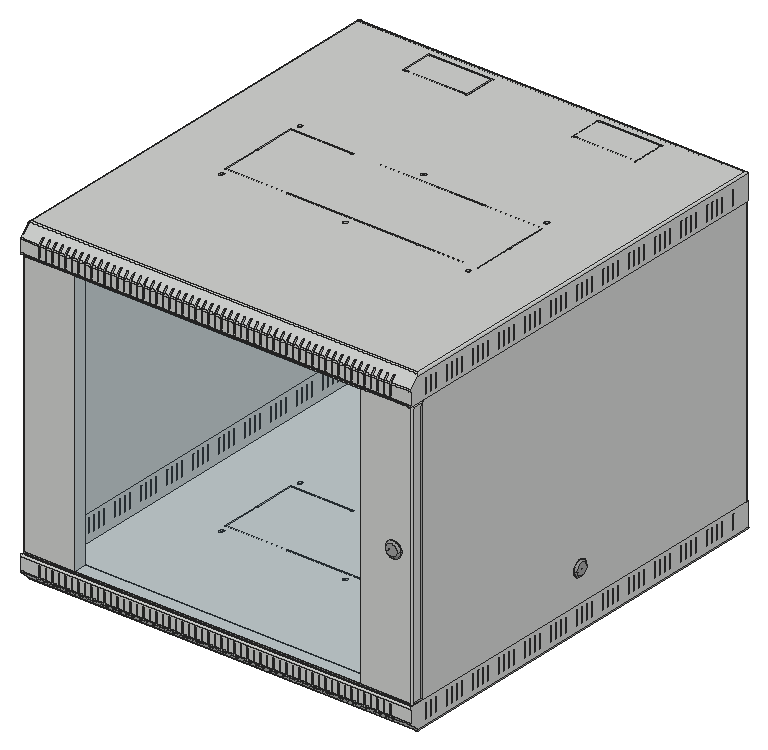
Revit family "600х650", category Обобщенные модели, Revit 2019 (continued)
Definition of nested family "Крышка 650"
  Automatic sketch dimensions
    level to Extrusion 22 sketch curve = 168.5 mm
    Extrusion 22 sketch curve to Extrusion 22 sketch curve = 1.747 mm
    plane 6 to Extrusion 23 sketch curve = 33.804 mm
    plane 6 to Extrusion 23 sketch curve = 11.804 mm
    plane 8 to Extrusion 23 sketch curve = 171.5 mm
    Extrusion 23 sketch curve to Extrusion 23 sketch curve = 1.747 mm
    plane 6 to Extrusion 24 sketch curve = 33.804 mm
    plane 6 to Extrusion 24 sketch curve = 11.804 mm
    plane 8 to Extrusion 24 sketch curve = 161.5 mm
    Extrusion 24 sketch curve to Extrusion 24 sketch curve = 1.747 mm
    plane 6 to Extrusion 25 sketch curve = 33.804 mm
    plane 6 to Extrusion 25 sketch curve = 11.804 mm
    plane 8 to Extrusion 25 sketch curve = 151.5 mm
    Extrusion 25 sketch curve to Extrusion 25 sketch curve = 1.747 mm
    plane 6 to Extrusion 26 sketch curve = 33.804 mm
    plane 6 to Extrusion 26 sketch curve = 11.804 mm
    plane 8 to Extrusion 26 sketch curve = 141.5 mm
    Extrusion 26 sketch curve to Extrusion 26 sketch curve = 1.747 mm
    plane 6 to Extrusion 27 sketch curve = 33.804 mm
    plane 6 to Extrusion 27 sketch curve = 11.804 mm
    plane 8 to Extrusion 27 sketch curve = 131.5 mm
    Extrusion 27 sketch curve to Extrusion 27 sketch curve = 1.747 mm
    plane 6 to Extrusion 28 sketch curve = 33.804 mm
    plane 6 to Extrusion 28 sketch curve = 11.804 mm
    plane 8 to Extrusion 28 sketch curve = 121.5 mm
    Extrusion 28 sketch curve to Extrusion 28 sketch curve = 1.747 mm
    plane 6 to Extrusion 29 sketch curve = 33.804 mm
    plane 6 to Extrusion 29 sketch curve = 11.804 mm
    plane 8 to Extrusion 29 sketch curve = 111.5 mm
    Extrusion 29 sketch curve to Extrusion 29 sketch curve = 1.747 mm
    plane 6 to Extrusion 30 sketch curve = 33.804 mm
    plane 6 to Extrusion 30 sketch curve = 11.804 mm
    plane 8 to Extrusion 30 sketch curve = 101.5 mm
    Extrusion 30 sketch curve to Extrusion 30 sketch curve = 1.747 mm
    plane 6 to Extrusion 31 sketch curve = 33.804 mm
    plane 6 to Extrusion 31 sketch curve = 11.804 mm
    plane 8 to Extrusion 31 sketch curve = 91.5 mm
    Extrusion 31 sketch curve to Extrusion 31 sketch curve = 1.747 mm
    plane 6 to Extrusion 32 sketch curve = 33.804 mm
    plane 6 to Extrusion 32 sketch curve = 11.804 mm
    plane 8 to Extrusion 32 sketch curve = 81.5 mm
    Extrusion 32 sketch curve to Extrusion 32 sketch curve = 1.747 mm
    plane 6 to Extrusion 33 sketch curve = 33.804 mm
    plane 6 to Extrusion 33 sketch curve = 11.804 mm
    plane 8 to Extrusion 33 sketch curve = 71.5 mm
    Extrusion 33 sketch curve to Extrusion 33 sketch curve = 1.747 mm
    plane 6 to Extrusion 34 sketch curve = 33.804 mm
    plane 6 to Extrusion 34 sketch curve = 11.804 mm
    plane 8 to Extrusion 34 sketch curve = 61.5 mm
    Extrusion 34 sketch curve to Extrusion 34 sketch curve = 1.747 mm
    plane 6 to Extrusion 35 sketch curve = 33.804 mm
    plane 6 to Extrusion 35 sketch curve = 11.804 mm
    plane 8 to Extrusion 35 sketch curve = 51.5 mm
    Extrusion 35 sketch curve to Extrusion 35 sketch curve = 1.747 mm
    plane 6 to Extrusion 36 sketch curve = 33.804 mm
    plane 6 to Extrusion 36 sketch curve = 11.804 mm
    plane 8 to Extrusion 36 sketch curve = 41.5 mm
    Extrusion 36 sketch curve to Extrusion 36 sketch curve = 1.747 mm
    plane 6 to Extrusion 37 sketch curve = 33.804 mm
    plane 6 to Extrusion 37 sketch curve = 11.804 mm
    plane 8 to Extrusion 37 sketch curve = 31.5 mm
    Extrusion 37 sketch curve to Extrusion 37 sketch curve = 1.747 mm
    plane 6 to Extrusion 38 sketch curve = 33.804 mm
    plane 6 to Extrusion 38 sketch curve = 11.804 mm
    plane 8 to Extrusion 38 sketch curve = 118.007 mm
    Extrusion 38 sketch curve to Extrusion 38 sketch curve = 1.747 mm
    plane 6 to Extrusion 39 sketch curve = 33.804 mm
    plane 6 to Extrusion 39 sketch curve = 11.804 mm
    plane 8 to Extrusion 39 sketch curve = 108.007 mm
    Extrusion 39 sketch curve to Extrusion 39 sketch curve = 1.747 mm
    plane 6 to Extrusion 40 sketch curve = 33.804 mm
    plane 6 to Extrusion 40 sketch curve = 11.804 mm
    plane 8 to Extrusion 40 sketch curve = 98.007 mm
    Extrusion 40 sketch curve to Extrusion 40 sketch curve = 1.747 mm
    plane 6 to Extrusion 41 sketch curve = 33.804 mm
    plane 6 to Extrusion 41 sketch curve = 11.804 mm
    plane 8 to Extrusion 41 sketch curve = 88.007 mm
    Extrusion 41 sketch curve to Extrusion 41 sketch curve = 1.747 mm
    plane 6 to Extrusion 42 sketch curve = 33.804 mm
    plane 6 to Extrusion 42 sketch curve = 11.804 mm
    plane 8 to Extrusion 42 sketch curve = 78.007 mm
    Extrusion 42 sketch curve to Extrusion 42 sketch curve = 1.747 mm
    plane 6 to Extrusion 43 sketch curve = 33.804 mm
    plane 6 to Extrusion 43 sketch curve = 11.804 mm
    plane 8 to Extrusion 43 sketch curve = 68.007 mm
    Extrusion 43 sketch curve to Extrusion 43 sketch curve = 1.747 mm
    plane 6 to Extrusion 44 sketch curve = 33.804 mm
    plane 6 to Extrusion 44 sketch curve = 11.804 mm
    plane 8 to Extrusion 44 sketch curve = 58.007 mm
    Extrusion 44 sketch curve to Extrusion 44 sketch curve = 1.747 mm
    plane 6 to Extrusion 45 sketch curve = 33.804 mm
    plane 6 to Extrusion 45 sketch curve = 11.804 mm
    plane 8 to Extrusion 45 sketch curve = 48.007 mm
    Extrusion 45 sketch curve to Extrusion 45 sketch curve = 1.747 mm
    plane 6 to Extrusion 46 sketch curve = 33.804 mm
    plane 6 to Extrusion 46 sketch curve = 11.804 mm
    plane 8 to Extrusion 46 sketch curve = 38.007 mm
    Extrusion 46 sketch curve to Extrusion 46 sketch curve = 1.747 mm
    plane 6 to Extrusion 47 sketch curve = 33.804 mm
    plane 6 to Extrusion 47 sketch curve = 11.804 mm
    plane 8 to Extrusion 47 sketch curve = 28.007 mm
    Extrusion 47 sketch curve to Extrusion 47 sketch curve = 1.747 mm
    plane 6 to Extrusion 48 sketch curve = 33.804 mm
    plane 6 to Extrusion 48 sketch curve = 11.804 mm
    plane 8 to Extrusion 48 sketch curve = 168.007 mm
    Extrusion 48 sketch curve to Extrusion 48 sketch curve = 1.747 mm
    plane 6 to Extrusion 49 sketch curve = 33.804 mm
    plane 6 to Extrusion 49 sketch curve = 11.804 mm
    plane 8 to Extrusion 49 sketch curve = 158.007 mm
    Extrusion 49 sketch curve to Extrusion 49 sketch curve = 1.747 mm
    plane 6 to Extrusion 50 sketch curve = 33.804 mm
    plane 6 to Extrusion 50 sketch curve = 11.804 mm
    plane 8 to Extrusion 50 sketch curve = 148.007 mm
    Extrusion 50 sketch curve to Extrusion 50 sketch curve = 1.747 mm
    plane 6 to Extrusion 51 sketch curve = 33.804 mm
    plane 6 to Extrusion 51 sketch curve = 11.804 mm
    plane 8 to Extrusion 51 sketch curve = 138.007 mm
    Extrusion 51 sketch curve to Extrusion 51 sketch curve = 1.747 mm
    plane 6 to Extrusion 52 sketch curve = 33.804 mm
    plane 6 to Extrusion 52 sketch curve = 11.804 mm
    plane 8 to Extrusion 52 sketch curve = 128.007 mm
    Extrusion 52 sketch curve to Extrusion 52 sketch curve = 1.747 mm
    plane 6 to Extrusion 53 sketch curve = 33.804 mm
    plane 6 to Extrusion 53 sketch curve = 11.804 mm
    level to Extrusion 53 sketch curve = 131.993 mm
    Extrusion 53 sketch curve to Extrusion 53 sketch curve = 1.747 mm
    plane 6 to Extrusion 54 sketch curve = 33.804 mm
    plane 6 to Extrusion 54 sketch curve = 11.804 mm
    level to Extrusion 54 sketch curve = 141.993 mm
    Extrusion 54 sketch curve to Extrusion 54 sketch curve = 1.747 mm
    plane 6 to Extrusion 55 sketch curve = 33.804 mm
    plane 6 to Extrusion 55 sketch curve = 11.804 mm
    level to Extrusion 55 sketch curve = 151.993 mm
    Extrusion 55 sketch curve to Extrusion 55 sketch curve = 1.747 mm
    plane 6 to Extrusion 56 sketch curve = 33.804 mm
    plane 6 to Extrusion 56 sketch curve = 11.804 mm
    level to Extrusion 56 sketch curve = 161.993 mm
    Extrusion 56 sketch curve to Extrusion 56 sketch curve = 1.747 mm
    plane 6 to Extrusion 57 sketch curve = 33.804 mm
    plane 6 to Extrusion 57 sketch curve = 11.804 mm
    level to Extrusion 57 sketch curve = 171.993 mm
    Extrusion 57 sketch curve to Extrusion 57 sketch curve = 1.747 mm
    plane 6 to Extrusion 58 sketch curve = 33.804 mm
    plane 6 to Extrusion 58 sketch curve = 11.804 mm
    level to Extrusion 58 sketch curve = 81.993 mm
    Extrusion 58 sketch curve to Extrusion 58 sketch curve = 1.747 mm
    plane 6 to Extrusion 59 sketch curve = 33.804 mm
    plane 6 to Extrusion 59 sketch curve = 11.804 mm
    level to Extrusion 59 sketch curve = 91.993 mm
    Extrusion 59 sketch curve to Extrusion 59 sketch curve = 1.747 mm
    plane 6 to Extrusion 60 sketch curve = 33.804 mm
    plane 6 to Extrusion 60 sketch curve = 11.804 mm
    level to Extrusion 60 sketch curve = 101.993 mm
    Extrusion 60 sketch curve to Extrusion 60 sketch curve = 1.747 mm
    plane 6 to Extrusion 61 sketch curve = 33.804 mm
    plane 6 to Extrusion 61 sketch curve = 11.804 mm
    level to Extrusion 61 sketch curve = 111.993 mm
    Extrusion 61 sketch curve to Extrusion 61 sketch curve = 1.747 mm
    plane 6 to Extrusion 62 sketch curve = 33.804 mm
    plane 6 to Extrusion 62 sketch curve = 11.804 mm
    level to Extrusion 62 sketch curve = 121.993 mm
    Extrusion 62 sketch curve to Extrusion 62 sketch curve = 1.747 mm
    plane 6 to Extrusion 63 sketch curve = 33.804 mm
    plane 6 to Extrusion 63 sketch curve = 11.804 mm
    level to Extrusion 63 sketch curve = 31.993 mm
    Extrusion 63 sketch curve to Extrusion 63 sketch curve = 1.747 mm
    plane 6 to Extrusion 64 sketch curve = 33.804 mm
    plane 6 to Extrusion 64 sketch curve = 11.804 mm
    level to Extrusion 64 sketch curve = 41.993 mm
    Extrusion 64 sketch curve to Extrusion 64 sketch curve = 1.747 mm
    plane 6 to Extrusion 65 sketch curve = 33.804 mm
    plane 6 to Extrusion 65 sketch curve = 11.804 mm
    level to Extrusion 65 sketch curve = 51.993 mm
    Extrusion 65 sketch curve to Extrusion 65 sketch curve = 1.747 mm
    plane 6 to Extrusion 66 sketch curve = 33.804 mm
    plane 6 to Extrusion 66 sketch curve = 11.804 mm
    level to Extrusion 66 sketch curve = 61.993 mm
    Extrusion 66 sketch curve to Extrusion 66 sketch curve = 1.747 mm
    plane 6 to Extrusion 67 sketch curve = 33.804 mm
    plane 6 to Extrusion 67 sketch curve = 11.804 mm
    level to Extrusion 67 sketch curve = 71.993 mm
    Extrusion 67 sketch curve to Extrusion 67 sketch curve = 1.747 mm
    plane 6 to Extrusion 68 sketch curve = 10.404 mm
    plane 5 to Extrusion 68 sketch curve = 38.5 mm
    Extrusion 68 sketch curve to Extrusion 68 sketch curve = 1.5 mm
    Extrusion 68 sketch curve to Extrusion 68 sketch curve = 23.4 mm
    plane 6 to Extrusion 69 sketch curve = 10.404 mm
    plane 5 to Extrusion 69 sketch curve = 48.5 mm
    Extrusion 69 sketch curve to Extrusion 69 sketch curve = 1.5 mm
    Extrusion 69 sketch curve to Extrusion 69 sketch curve = 23.4 mm
    plane 6 to Extrusion 70 sketch curve = 10.404 mm
    plane 5 to Extrusion 70 sketch curve = 58.5 mm
    Extrusion 70 sketch curve to Extrusion 70 sketch curve = 1.5 mm
    Extrusion 70 sketch curve to Extrusion 70 sketch curve = 23.4 mm
    plane 6 to Extrusion 71 sketch curve = 10.404 mm
    plane 5 to Extrusion 71 sketch curve = 68.5 mm
    Extrusion 71 sketch curve to Extrusion 71 sketch curve = 1.5 mm
    Extrusion 71 sketch curve to Extrusion 71 sketch curve = 23.4 mm
    plane 6 to Extrusion 72 sketch curve = 10.404 mm
    plane 5 to Extrusion 72 sketch curve = 78.5 mm
    Extrusion 72 sketch curve to Extrusion 72 sketch curve = 1.5 mm
    Extrusion 72 sketch curve to Extrusion 72 sketch curve = 23.4 mm
    plane 6 to Extrusion 73 sketch curve = 10.404 mm
    plane 5 to Extrusion 73 sketch curve = 88.5 mm
    Extrusion 73 sketch curve to Extrusion 73 sketch curve = 1.5 mm
    Extrusion 73 sketch curve to Extrusion 73 sketch curve = 23.4 mm
    plane 6 to Extrusion 74 sketch curve = 10.404 mm
    plane 5 to Extrusion 74 sketch curve = 98.5 mm
    Extrusion 74 sketch curve to Extrusion 74 sketch curve = 1.5 mm
    Extrusion 74 sketch curve to Extrusion 74 sketch curve = 23.4 mm
    plane 6 to Extrusion 75 sketch curve = 10.404 mm
    plane 5 to Extrusion 75 sketch curve = 108.5 mm
    Extrusion 75 sketch curve to Extrusion 75 sketch curve = 1.5 mm
    Extrusion 75 sketch curve to Extrusion 75 sketch curve = 23.4 mm
    plane 6 to Extrusion 76 sketch curve = 10.404 mm
    plane 5 to Extrusion 76 sketch curve = 118.5 mm
    Extrusion 76 sketch curve to Extrusion 76 sketch curve = 1.5 mm
    Extrusion 76 sketch curve to Extrusion 76 sketch curve = 23.4 mm
    plane 6 to Extrusion 77 sketch curve = 10.404 mm
    plane 5 to Extrusion 77 sketch curve = 128.5 mm
    Extrusion 77 sketch curve to Extrusion 77 sketch curve = 1.5 mm
    Extrusion 77 sketch curve to Extrusion 77 sketch curve = 23.4 mm
    plane 6 to Extrusion 78 sketch curve = 10.404 mm
    plane 5 to Extrusion 78 sketch curve = 138.5 mm
    Extrusion 78 sketch curve to Extrusion 78 sketch curve = 1.5 mm
    Extrusion 78 sketch curve to Extrusion 78 sketch curve = 23.4 mm
    plane 6 to Extrusion 79 sketch curve = 10.404 mm
    plane 5 to Extrusion 79 sketch curve = 148.5 mm
    Extrusion 79 sketch curve to Extrusion 79 sketch curve = 1.5 mm
    Extrusion 79 sketch curve to Extrusion 79 sketch curve = 23.4 mm
    plane 6 to Extrusion 80 sketch curve = 10.404 mm
    Extrusion 80 sketch curve to plane 3 "По центру (Влево/Вправо)" = 141.5 mm
    Extrusion 80 sketch curve to Extrusion 80 sketch curve = 1.5 mm
    Extrusion 80 sketch curve to Extrusion 80 sketch curve = 23.4 mm
    plane 6 to Extrusion 81 sketch curve = 10.404 mm
    Extrusion 81 sketch curve to plane 3 "По центру (Влево/Вправо)" = 131.5 mm
    Extrusion 81 sketch curve to Extrusion 81 sketch curve = 1.5 mm
    Extrusion 81 sketch curve to Extrusion 81 sketch curve = 23.4 mm
    plane 6 to Extrusion 82 sketch curve = 10.404 mm
    Extrusion 82 sketch curve to plane 3 "По центру (Влево/Вправо)" = 121.5 mm
    Extrusion 82 sketch curve to Extrusion 82 sketch curve = 1.5 mm
    Extrusion 82 sketch curve to Extrusion 82 sketch curve = 23.4 mm
    plane 6 to Extrusion 83 sketch curve = 10.404 mm
    Extrusion 83 sketch curve to plane 3 "По центру (Влево/Вправо)" = 111.5 mm
    Extrusion 83 sketch curve to Extrusion 83 sketch curve = 1.5 mm
    Extrusion 83 sketch curve to Extrusion 83 sketch curve = 23.4 mm
    plane 6 to Extrusion 84 sketch curve = 10.404 mm
    Extrusion 84 sketch curve to plane 3 "По центру (Влево/Вправо)" = 101.5 mm
    Extrusion 84 sketch curve to Extrusion 84 sketch curve = 1.5 mm
    Extrusion 84 sketch curve to Extrusion 84 sketch curve = 23.4 mm
    plane 6 to Extrusion 85 sketch curve = 10.404 mm
    Extrusion 85 sketch curve to plane 3 "По центру (Влево/Вправо)" = 91.5 mm
    Extrusion 85 sketch curve to Extrusion 85 sketch curve = 1.5 mm
    Extrusion 85 sketch curve to Extrusion 85 sketch curve = 23.4 mm
    plane 6 to Extrusion 86 sketch curve = 10.404 mm
    Extrusion 86 sketch curve to plane 3 "По центру (Влево/Вправо)" = 81.5 mm
    Extrusion 86 sketch curve to Extrusion 86 sketch curve = 1.5 mm
    Extrusion 86 sketch curve to Extrusion 86 sketch curve = 23.4 mm
    plane 6 to Extrusion 87 sketch curve = 10.404 mm
    Extrusion 87 sketch curve to plane 3 "По центру (Влево/Вправо)" = 71.5 mm
    Extrusion 87 sketch curve to Extrusion 87 sketch curve = 1.5 mm
    Extrusion 87 sketch curve to Extrusion 87 sketch curve = 23.4 mm
    plane 6 to Extrusion 88 sketch curve = 10.404 mm
    Extrusion 88 sketch curve to plane 3 "По центру (Влево/Вправо)" = 61.5 mm
    Extrusion 88 sketch curve to Extrusion 88 sketch curve = 1.5 mm
    Extrusion 88 sketch curve to Extrusion 88 sketch curve = 23.4 mm
    plane 6 to Extrusion 89 sketch curve = 10.404 mm
    Extrusion 89 sketch curve to plane 3 "По центру (Влево/Вправо)" = 51.5 mm
    Extrusion 89 sketch curve to Extrusion 89 sketch curve = 1.5 mm
    Extrusion 89 sketch curve to Extrusion 89 sketch curve = 23.4 mm
    plane 6 to Extrusion 90 sketch curve = 10.404 mm
    Extrusion 90 sketch curve to plane 3 "По центру (Влево/Вправо)" = 41.5 mm
    Extrusion 90 sketch curve to Extrusion 90 sketch curve = 1.5 mm
    Extrusion 90 sketch curve to Extrusion 90 sketch curve = 23.4 mm
    plane 6 to Extrusion 91 sketch curve = 10.404 mm
    Extrusion 91 sketch curve to plane 3 "По центру (Влево/Вправо)" = 31.5 mm
    Extrusion 91 sketch curve to Extrusion 91 sketch curve = 1.5 mm
    Extrusion 91 sketch curve to Extrusion 91 sketch curve = 23.4 mm
    Extrusion 92 sketch curve to plane 3 "По центру (Влево/Вправо)" = 21.5 mm
    Extrusion 92 sketch curve to Extrusion 92 sketch curve = 1.5 mm
    plane 6 to Extrusion 92 sketch curve = 33.804 mm
    plane 6 to Extrusion 92 sketch curve = 10.404 mm
    Extrusion 93 sketch curve to plane 3 "По центру (Влево/Вправо)" = 11.5 mm
    Extrusion 93 sketch curve to Extrusion 93 sketch curve = 1.5 mm
    plane 6 to Extrusion 93 sketch curve = 33.804 mm
    plane 6 to Extrusion 93 sketch curve = 10.404 mm
    Extrusion 94 sketch curve to plane 3 "По центру (Влево/Вправо)" = 0 mm
    Extrusion 94 sketch curve to Extrusion 94 sketch curve = 1.5 mm
    plane 6 to Extrusion 94 sketch curve = 33.804 mm
    plane 6 to Extrusion 94 sketch curve = 10.404 mm
    plane 3 "По центру (Влево/Вправо)" to Extrusion 95 sketch curve = 8.5 mm
    Extrusion 95 sketch curve to Extrusion 95 sketch curve = 1.5 mm
    plane 6 to Extrusion 95 sketch curve = 33.804 mm
    plane 6 to Extrusion 95 sketch curve = 10.404 mm
    plane 3 "По центру (Влево/Вправо)" to Extrusion 96 sketch curve = 18.5 mm
    Extrusion 96 sketch curve to Extrusion 96 sketch curve = 1.5 mm
    plane 6 to Extrusion 96 sketch curve = 33.804 mm
    plane 6 to Extrusion 96 sketch curve = 10.404 mm
    plane 3 "По центру (Влево/Вправо)" to Extrusion 97 sketch curve = 28.5 mm
    Extrusion 97 sketch curve to Extrusion 97 sketch curve = 1.5 mm
    plane 6 to Extrusion 97 sketch curve = 33.804 mm
    plane 6 to Extrusion 97 sketch curve = 10.404 mm
    plane 6 to Extrusion 98 sketch curve = 10.404 mm
    plane 3 "По центру (Влево/Вправо)" to Extrusion 98 sketch curve = 38.5 mm
    Extrusion 98 sketch curve to Extrusion 98 sketch curve = 1.5 mm
    Extrusion 98 sketch curve to Extrusion 98 sketch curve = 23.4 mm
    plane 6 to Extrusion 99 sketch curve = 10.404 mm
    plane 3 "По центру (Влево/Вправо)" to Extrusion 99 sketch curve = 48.5 mm
    Extrusion 99 sketch curve to Extrusion 99 sketch curve = 1.5 mm
    Extrusion 99 sketch curve to Extrusion 99 sketch curve = 23.4 mm
    plane 6 to Extrusion 100 sketch curve = 10.404 mm
    plane 3 "По центру (Влево/Вправо)" to Extrusion 100 sketch curve = 58.5 mm
    Extrusion 100 sketch curve to Extrusion 100 sketch curve = 1.5 mm
    Extrusion 100 sketch curve to Extrusion 100 sketch curve = 23.4 mm
    plane 6 to Extrusion 101 sketch curve = 10.404 mm
    plane 3 "По центру (Влево/Вправо)" to Extrusion 101 sketch curve = 68.5 mm
    Extrusion 101 sketch curve to Extrusion 101 sketch curve = 1.5 mm
    Extrusion 101 sketch curve to Extrusion 101 sketch curve = 23.4 mm
    plane 6 to Extrusion 102 sketch curve = 10.404 mm
    plane 3 "По центру (Влево/Вправо)" to Extrusion 102 sketch curve = 78.5 mm
    Extrusion 102 sketch curve to Extrusion 102 sketch curve = 1.5 mm
    Extrusion 102 sketch curve to Extrusion 102 sketch curve = 23.4 mm
    plane 6 to Extrusion 103 sketch curve = 10.404 mm
    plane 3 "По центру (Влево/Вправо)" to Extrusion 103 sketch curve = 88.5 mm
    Extrusion 103 sketch curve to Extrusion 103 sketch curve = 1.5 mm
    Extrusion 103 sketch curve to Extrusion 103 sketch curve = 23.4 mm
    plane 6 to Extrusion 104 sketch curve = 10.404 mm
    plane 3 "По центру (Влево/Вправо)" to Extrusion 104 sketch curve = 98.5 mm
    Extrusion 104 sketch curve to Extrusion 104 sketch curve = 1.5 mm
    Extrusion 104 sketch curve to Extrusion 104 sketch curve = 23.4 mm
    plane 6 to Extrusion 105 sketch curve = 10.404 mm
    plane 3 "По центру (Влево/Вправо)" to Extrusion 105 sketch curve = 108.5 mm
    Extrusion 105 sketch curve to Extrusion 105 sketch curve = 1.5 mm
    Extrusion 105 sketch curve to Extrusion 105 sketch curve = 23.4 mm
    plane 6 to Extrusion 106 sketch curve = 10.404 mm
    plane 3 "По центру (Влево/Вправо)" to Extrusion 106 sketch curve = 118.5 mm
    Extrusion 106 sketch curve to Extrusion 106 sketch curve = 1.5 mm
    Extrusion 106 sketch curve to Extrusion 106 sketch curve = 23.4 mm
    plane 6 to Extrusion 107 sketch curve = 10.404 mm
    plane 3 "По центру (Влево/Вправо)" to Extrusion 107 sketch curve = 128.5 mm
    Extrusion 107 sketch curve to Extrusion 107 sketch curve = 1.5 mm
    Extrusion 107 sketch curve to Extrusion 107 sketch curve = 23.4 mm
    plane 6 to Extrusion 108 sketch curve = 10.404 mm
    plane 3 "По центру (Влево/Вправо)" to Extrusion 108 sketch curve = 138.5 mm
    Extrusion 108 sketch curve to Extrusion 108 sketch curve = 1.5 mm
    Extrusion 108 sketch curve to Extrusion 108 sketch curve = 23.4 mm
    plane 6 to Extrusion 109 sketch curve = 10.404 mm
    plane 3 "По центру (Влево/Вправо)" to Extrusion 109 sketch curve = 148.5 mm
    Extrusion 109 sketch curve to Extrusion 109 sketch curve = 1.5 mm
    Extrusion 109 sketch curve to Extrusion 109 sketch curve = 23.4 mm
    plane 6 to Extrusion 110 sketch curve = 10.404 mm
    Extrusion 110 sketch curve to plane 4 = 141.5 mm
    Extrusion 110 sketch curve to Extrusion 110 sketch curve = 1.5 mm
    Extrusion 110 sketch curve to Extrusion 110 sketch curve = 23.4 mm
    plane 6 to Extrusion 111 sketch curve = 10.404 mm
    Extrusion 111 sketch curve to plane 4 = 131.5 mm
    Extrusion 111 sketch curve to Extrusion 111 sketch curve = 1.5 mm
    Extrusion 111 sketch curve to Extrusion 111 sketch curve = 23.4 mm
    plane 6 to Extrusion 112 sketch curve = 10.404 mm
    Extrusion 112 sketch curve to plane 4 = 121.5 mm
    Extrusion 112 sketch curve to Extrusion 112 sketch curve = 1.5 mm
    Extrusion 112 sketch curve to Extrusion 112 sketch curve = 23.4 mm
    plane 6 to Extrusion 113 sketch curve = 10.404 mm
    Extrusion 113 sketch curve to plane 4 = 111.5 mm
    Extrusion 113 sketch curve to Extrusion 113 sketch curve = 1.5 mm
    Extrusion 113 sketch curve to Extrusion 113 sketch curve = 23.4 mm
    plane 6 to Extrusion 114 sketch curve = 10.404 mm
    Extrusion 114 sketch curve to plane 4 = 101.5 mm
    Extrusion 114 sketch curve to Extrusion 114 sketch curve = 1.5 mm
    Extrusion 114 sketch curve to Extrusion 114 sketch curve = 23.4 mm
    plane 6 to Extrusion 115 sketch curve = 10.404 mm
    Extrusion 115 sketch curve to plane 4 = 91.5 mm
    Extrusion 115 sketch curve to Extrusion 115 sketch curve = 1.5 mm
    Extrusion 115 sketch curve to Extrusion 115 sketch curve = 23.4 mm
    plane 6 to Extrusion 116 sketch curve = 10.404 mm
    Extrusion 116 sketch curve to plane 4 = 81.5 mm
    Extrusion 116 sketch curve to Extrusion 116 sketch curve = 1.5 mm
    Extrusion 116 sketch curve to Extrusion 116 sketch curve = 23.4 mm
    plane 6 to Extrusion 117 sketch curve = 10.404 mm
    Extrusion 117 sketch curve to plane 4 = 71.5 mm
    Extrusion 117 sketch curve to Extrusion 117 sketch curve = 1.5 mm
    Extrusion 117 sketch curve to Extrusion 117 sketch curve = 23.4 mm
    plane 6 to Extrusion 118 sketch curve = 10.404 mm
    Extrusion 118 sketch curve to plane 4 = 61.5 mm
    Extrusion 118 sketch curve to Extrusion 118 sketch curve = 1.5 mm
    Extrusion 118 sketch curve to Extrusion 118 sketch curve = 23.4 mm
    plane 6 to Extrusion 119 sketch curve = 10.404 mm
    Extrusion 119 sketch curve to plane 4 = 51.5 mm
    Extrusion 119 sketch curve to Extrusion 119 sketch curve = 1.5 mm
    Extrusion 119 sketch curve to Extrusion 119 sketch curve = 23.4 mm
    plane 6 to Extrusion 120 sketch curve = 10.404 mm
    Extrusion 120 sketch curve to plane 4 = 41.5 mm
    Extrusion 120 sketch curve to Extrusion 120 sketch curve = 1.5 mm
    Extrusion 120 sketch curve to Extrusion 120 sketch curve = 23.4 mm
    plane 6 to Extrusion 121 sketch curve = 10.404 mm
    Extrusion 121 sketch curve to plane 4 = 31.5 mm
    Extrusion 121 sketch curve to Extrusion 121 sketch curve = 1.5 mm
    Extrusion 121 sketch curve to Extrusion 121 sketch curve = 23.4 mm
    plane 6 to Extrusion 122 sketch curve = 33.804 mm
    plane 6 to Extrusion 122 sketch curve = 11.804 mm
    plane 8 to Extrusion 122 sketch curve = 178.007 mm
    Extrusion 122 sketch curve to Extrusion 122 sketch curve = 1.747 mm
    plane 6 to Extrusion 123 sketch curve = 33.804 mm
    plane 6 to Extrusion 123 sketch curve = 11.804 mm
    plane 8 to Extrusion 123 sketch curve = 198.007 mm
    Extrusion 123 sketch curve to Extrusion 123 sketch curve = 1.747 mm
    plane 6 to Extrusion 124 sketch curve = 33.804 mm
    plane 6 to Extrusion 124 sketch curve = 11.804 mm
    plane 8 to Extrusion 124 sketch curve = 188.007 mm
    Extrusion 124 sketch curve to Extrusion 124 sketch curve = 1.747 mm
    plane 6 to Extrusion 125 sketch curve = 33.804 mm
    plane 6 to Extrusion 125 sketch curve = 11.804 mm
    plane 8 to Extrusion 125 sketch curve = 208.007 mm
    Extrusion 125 sketch curve to Extrusion 125 sketch curve = 1.747 mm
    plane 6 to Extrusion 126 sketch curve = 33.804 mm
    plane 6 to Extrusion 126 sketch curve = 11.804 mm
    level to Extrusion 126 sketch curve = 221.993 mm
    Extrusion 126 sketch curve to Extrusion 126 sketch curve = 1.747 mm
    plane 6 to Extrusion 127 sketch curve = 33.804 mm
    plane 6 to Extrusion 127 sketch curve = 11.804 mm
    plane 8 to Extrusion 127 sketch curve = 218.007 mm
    Extrusion 127 sketch curve to Extrusion 127 sketch curve = 1.747 mm
    plane 6 to Extrusion 128 sketch curve = 33.804 mm
    plane 6 to Extrusion 128 sketch curve = 11.804 mm
    level to Extrusion 128 sketch curve = 211.993 mm
    Extrusion 128 sketch curve to Extrusion 128 sketch curve = 1.747 mm
    plane 6 to Extrusion 129 sketch curve = 33.804 mm
    plane 6 to Extrusion 129 sketch curve = 11.804 mm
    level to Extrusion 129 sketch curve = 191.993 mm
    Extrusion 129 sketch curve to Extrusion 129 sketch curve = 1.747 mm
    plane 6 to Extrusion 130 sketch curve = 33.804 mm
    plane 6 to Extrusion 130 sketch curve = 11.804 mm
    level to Extrusion 130 sketch curve = 201.993 mm
    Extrusion 130 sketch curve to Extrusion 130 sketch curve = 1.747 mm
    plane 6 to Extrusion 131 sketch curve = 33.804 mm
    plane 6 to Extrusion 131 sketch curve = 11.804 mm
    level to Extrusion 131 sketch curve = 181.993 mm
    Extrusion 131 sketch curve to Extrusion 131 sketch curve = 1.747 mm
    plane 6 to Extrusion 132 sketch curve = 33.804 mm
    plane 6 to Extrusion 132 sketch curve = 11.804 mm
    plane 8 to Extrusion 132 sketch curve = 221.5 mm
    Extrusion 132 sketch curve to Extrusion 132 sketch curve = 1.747 mm
    plane 6 to Extrusion 133 sketch curve = 33.804 mm
    plane 6 to Extrusion 133 sketch curve = 11.804 mm
    plane 8 to Extrusion 133 sketch curve = 211.5 mm
    Extrusion 133 sketch curve to Extrusion 133 sketch curve = 1.747 mm
    plane 6 to Extrusion 134 sketch curve = 33.804 mm
    plane 6 to Extrusion 134 sketch curve = 11.804 mm
    plane 8 to Extrusion 134 sketch curve = 201.5 mm
    Extrusion 134 sketch curve to Extrusion 134 sketch curve = 1.747 mm
    plane 6 to Extrusion 135 sketch curve = 33.804 mm
    plane 6 to Extrusion 135 sketch curve = 11.804 mm
    plane 8 to Extrusion 135 sketch curve = 191.5 mm
    Extrusion 135 sketch curve to Extrusion 135 sketch curve = 1.747 mm
    plane 6 to Extrusion 136 sketch curve = 33.804 mm
    plane 6 to Extrusion 136 sketch curve = 11.804 mm
    plane 8 to Extrusion 136 sketch curve = 181.5 mm
    Extrusion 136 sketch curve to Extrusion 136 sketch curve = 1.747 mm
    plane 6 to Extrusion 137 sketch curve = 33.804 mm
    plane 6 to Extrusion 137 sketch curve = 11.804 mm
    plane 8 to Extrusion 137 sketch curve = 268.007 mm
    Extrusion 137 sketch curve to Extrusion 137 sketch curve = 1.747 mm
    plane 6 to Extrusion 138 sketch curve = 33.804 mm
    plane 6 to Extrusion 138 sketch curve = 11.804 mm
    plane 8 to Extrusion 138 sketch curve = 258.007 mm
    Extrusion 138 sketch curve to Extrusion 138 sketch curve = 1.747 mm
    plane 6 to Extrusion 139 sketch curve = 33.804 mm
    plane 6 to Extrusion 139 sketch curve = 11.804 mm
    plane 8 to Extrusion 139 sketch curve = 248.007 mm
    Extrusion 139 sketch curve to Extrusion 139 sketch curve = 1.747 mm
    plane 6 to Extrusion 140 sketch curve = 33.804 mm
    plane 6 to Extrusion 140 sketch curve = 11.804 mm
    plane 8 to Extrusion 140 sketch curve = 238.007 mm
    Extrusion 140 sketch curve to Extrusion 140 sketch curve = 1.747 mm
    plane 6 to Extrusion 141 sketch curve = 33.804 mm
    plane 6 to Extrusion 141 sketch curve = 11.804 mm
    plane 8 to Extrusion 141 sketch curve = 228.007 mm
    Extrusion 141 sketch curve to Extrusion 141 sketch curve = 1.747 mm
    plane 6 to Extrusion 142 sketch curve = 33.804 mm
    plane 6 to Extrusion 142 sketch curve = 11.804 mm
    level to Extrusion 142 sketch curve = 271.993 mm
    Extrusion 142 sketch curve to Extrusion 142 sketch curve = 1.747 mm
    plane 6 to Extrusion 143 sketch curve = 33.804 mm
    plane 6 to Extrusion 143 sketch curve = 11.804 mm
    level to Extrusion 143 sketch curve = 251.993 mm
    Extrusion 143 sketch curve to Extrusion 143 sketch curve = 1.747 mm
    plane 6 to Extrusion 144 sketch curve = 33.804 mm
    plane 6 to Extrusion 144 sketch curve = 11.804 mm
    level to Extrusion 144 sketch curve = 261.993 mm
    Extrusion 144 sketch curve to Extrusion 144 sketch curve = 1.747 mm
    plane 6 to Extrusion 145 sketch curve = 33.804 mm
    plane 6 to Extrusion 145 sketch curve = 11.804 mm
    level to Extrusion 145 sketch curve = 241.993 mm
    Extrusion 145 sketch curve to Extrusion 145 sketch curve = 1.747 mm
    plane 6 to Extrusion 146 sketch curve = 33.804 mm
    plane 6 to Extrusion 146 sketch curve = 11.804 mm
    level to Extrusion 146 sketch curve = 231.993 mm
    Extrusion 146 sketch curve to Extrusion 146 sketch curve = 1.747 mm
    plane 6 to Extrusion 147 sketch curve = 33.804 mm
    plane 6 to Extrusion 147 sketch curve = 11.804 mm
    plane 8 to Extrusion 147 sketch curve = 271.5 mm
    Extrusion 147 sketch curve to Extrusion 147 sketch curve = 1.747 mm
    plane 6 to Extrusion 148 sketch curve = 33.804 mm
    plane 6 to Extrusion 148 sketch curve = 11.804 mm
    plane 8 to Extrusion 148 sketch curve = 261.5 mm
    Extrusion 148 sketch curve to Extrusion 148 sketch curve = 1.747 mm
    plane 6 to Extrusion 149 sketch curve = 33.804 mm
    plane 6 to Extrusion 149 sketch curve = 11.804 mm
    plane 8 to Extrusion 149 sketch curve = 251.5 mm
    Extrusion 149 sketch curve to Extrusion 149 sketch curve = 1.747 mm
    plane 6 to Extrusion 150 sketch curve = 33.804 mm
    plane 6 to Extrusion 150 sketch curve = 11.804 mm
    plane 8 to Extrusion 150 sketch curve = 241.5 mm
    Extrusion 150 sketch curve to Extrusion 150 sketch curve = 1.747 mm
    plane 6 to Extrusion 151 sketch curve = 33.804 mm
    plane 6 to Extrusion 151 sketch curve = 11.804 mm
    plane 8 to Extrusion 151 sketch curve = 231.5 mm
    Extrusion 151 sketch curve to Extrusion 151 sketch curve = 1.747 mm
    plane 6 to Extrusion 152 sketch curve = 33.804 mm
    plane 6 to Extrusion 152 sketch curve = 11.804 mm
    level to Extrusion 152 sketch curve = 228.5 mm
    Extrusion 152 sketch curve to Extrusion 152 sketch curve = 1.747 mm
    plane 6 to Extrusion 153 sketch curve = 33.804 mm
    plane 6 to Extrusion 153 sketch curve = 11.804 mm
    level to Extrusion 153 sketch curve = 238.5 mm
    Extrusion 153 sketch curve to Extrusion 153 sketch curve = 1.747 mm
    plane 6 to Extrusion 154 sketch curve = 33.804 mm
    plane 6 to Extrusion 154 sketch curve = 11.804 mm
    level to Extrusion 154 sketch curve = 248.5 mm
    Extrusion 154 sketch curve to Extrusion 154 sketch curve = 1.747 mm
    plane 6 to Extrusion 155 sketch curve = 33.804 mm
    plane 6 to Extrusion 155 sketch curve = 11.804 mm
    level to Extrusion 155 sketch curve = 258.5 mm
    Extrusion 155 sketch curve to Extrusion 155 sketch curve = 1.747 mm
    plane 6 to Extrusion 156 sketch curve = 33.804 mm
    plane 6 to Extrusion 156 sketch curve = 11.804 mm
    level to Extrusion 156 sketch curve = 268.5 mm
    Extrusion 156 sketch curve to Extrusion 156 sketch curve = 1.747 mm
    plane 6 to Extrusion 157 sketch curve = 33.804 mm
    plane 6 to Extrusion 157 sketch curve = 11.804 mm
    level to Extrusion 157 sketch curve = 188.5 mm
    Extrusion 157 sketch curve to Extrusion 157 sketch curve = 1.747 mm
    plane 6 to Extrusion 158 sketch curve = 33.804 mm
    plane 6 to Extrusion 158 sketch curve = 11.804 mm
    level to Extrusion 158 sketch curve = 198.5 mm
    Extrusion 158 sketch curve to Extrusion 158 sketch curve = 1.747 mm
    plane 6 to Extrusion 159 sketch curve = 33.804 mm
    plane 6 to Extrusion 159 sketch curve = 11.804 mm
    level to Extrusion 159 sketch curve = 208.5 mm
    Extrusion 159 sketch curve to Extrusion 159 sketch curve = 1.747 mm
    plane 6 to Extrusion 160 sketch curve = 33.804 mm
    plane 6 to Extrusion 160 sketch curve = 11.804 mm
    level to Extrusion 160 sketch curve = 218.5 mm
    Extrusion 160 sketch curve to Extrusion 160 sketch curve = 1.747 mm
    plane 6 to Extrusion 161 sketch curve = 33.804 mm
    plane 6 to Extrusion 161 sketch curve = 11.804 mm
    level to Extrusion 161 sketch curve = 178.5 mm
    Extrusion 161 sketch curve to Extrusion 161 sketch curve = 1.747 mm
    plane 6 to Extrusion 162 sketch curve = 33.804 mm
    plane 6 to Extrusion 162 sketch curve = 11.804 mm
    plane 8 to Extrusion 162 sketch curve = 321.5 mm
    Extrusion 162 sketch curve to Extrusion 162 sketch curve = 1.747 mm
    plane 6 to Extrusion 163 sketch curve = 33.804 mm
    plane 6 to Extrusion 163 sketch curve = 11.804 mm
    plane 8 to Extrusion 163 sketch curve = 311.5 mm
    Extrusion 163 sketch curve to Extrusion 163 sketch curve = 1.747 mm
    plane 6 to Extrusion 164 sketch curve = 33.804 mm
    plane 6 to Extrusion 164 sketch curve = 11.804 mm
    plane 8 to Extrusion 164 sketch curve = 301.5 mm
    Extrusion 164 sketch curve to Extrusion 164 sketch curve = 1.747 mm
    plane 6 to Extrusion 165 sketch curve = 33.804 mm
    plane 6 to Extrusion 165 sketch curve = 11.804 mm
    plane 8 to Extrusion 165 sketch curve = 291.5 mm
    Extrusion 165 sketch curve to Extrusion 165 sketch curve = 1.747 mm
    plane 6 to Extrusion 166 sketch curve = 33.804 mm
    plane 6 to Extrusion 166 sketch curve = 11.804 mm
    plane 8 to Extrusion 166 sketch curve = 281.5 mm
    Extrusion 166 sketch curve to Extrusion 166 sketch curve = 1.747 mm
    plane 6 to Extrusion 167 sketch curve = 33.804 mm
    plane 6 to Extrusion 167 sketch curve = 11.804 mm
    level to Extrusion 167 sketch curve = 278.5 mm
    Extrusion 167 sketch curve to Extrusion 167 sketch curve = 1.747 mm
    plane 6 to Extrusion 168 sketch curve = 33.804 mm
    plane 6 to Extrusion 168 sketch curve = 11.804 mm
    level to Extrusion 168 sketch curve = 288.5 mm
    Extrusion 168 sketch curve to Extrusion 168 sketch curve = 1.747 mm
    plane 6 to Extrusion 169 sketch curve = 33.804 mm
    plane 6 to Extrusion 169 sketch curve = 11.804 mm
    level to Extrusion 169 sketch curve = 298.5 mm
    Extrusion 169 sketch curve to Extrusion 169 sketch curve = 1.747 mm
    plane 6 to Extrusion 170 sketch curve = 33.804 mm
    plane 6 to Extrusion 170 sketch curve = 11.804 mm
    level to Extrusion 170 sketch curve = 308.5 mm
    Extrusion 170 sketch curve to Extrusion 170 sketch curve = 1.747 mm
    plane 6 to Extrusion 171 sketch curve = 33.804 mm
    plane 6 to Extrusion 171 sketch curve = 11.804 mm
    level to Extrusion 171 sketch curve = 318.5 mm
    Extrusion 171 sketch curve to Extrusion 171 sketch curve = 1.747 mm
    plane 6 to Extrusion 172 sketch curve = 33.804 mm
    plane 6 to Extrusion 172 sketch curve = 11.804 mm
    plane 8 to Extrusion 172 sketch curve = 278.007 mm
    Extrusion 172 sketch curve to Extrusion 172 sketch curve = 1.747 mm
    plane 6 to Extrusion 173 sketch curve = 33.804 mm
    plane 6 to Extrusion 173 sketch curve = 11.804 mm
    plane 8 to Extrusion 173 sketch curve = 298.007 mm
    Extrusion 173 sketch curve to Extrusion 173 sketch curve = 1.747 mm
    plane 6 to Extrusion 174 sketch curve = 33.804 mm
    plane 6 to Extrusion 174 sketch curve = 11.804 mm
    plane 8 to Extrusion 174 sketch curve = 288.007 mm
    Extrusion 174 sketch curve to Extrusion 174 sketch curve = 1.747 mm
    plane 6 to Extrusion 175 sketch curve = 33.804 mm
    plane 6 to Extrusion 175 sketch curve = 11.804 mm
    plane 8 to Extrusion 175 sketch curve = 308.007 mm
    Extrusion 175 sketch curve to Extrusion 175 sketch curve = 1.747 mm
    plane 6 to Extrusion 176 sketch curve = 33.804 mm
    plane 6 to Extrusion 176 sketch curve = 11.804 mm
    plane 8 to Extrusion 176 sketch curve = 318.007 mm
    Extrusion 176 sketch curve to Extrusion 176 sketch curve = 1.747 mm
    plane 6 to Extrusion 177 sketch curve = 33.804 mm
    plane 6 to Extrusion 177 sketch curve = 11.804 mm
    level to Extrusion 177 sketch curve = 281.993 mm
    Extrusion 177 sketch curve to Extrusion 177 sketch curve = 1.747 mm
    plane 6 to Extrusion 178 sketch curve = 33.804 mm
    plane 6 to Extrusion 178 sketch curve = 11.804 mm
    level to Extrusion 178 sketch curve = 291.993 mm
    Extrusion 178 sketch curve to Extrusion 178 sketch curve = 1.747 mm
    plane 6 to Extrusion 179 sketch curve = 33.804 mm
    plane 6 to Extrusion 179 sketch curve = 11.804 mm
    level to Extrusion 179 sketch curve = 301.993 mm
    Extrusion 179 sketch curve to Extrusion 179 sketch curve = 1.747 mm
    plane 6 to Extrusion 180 sketch curve = 33.804 mm
    plane 6 to Extrusion 180 sketch curve = 11.804 mm
    level to Extrusion 180 sketch curve = 311.993 mm
    Extrusion 180 sketch curve to Extrusion 180 sketch curve = 1.747 mm
    plane 6 to Extrusion 181 sketch curve = 33.804 mm
    plane 6 to Extrusion 181 sketch curve = 11.804 mm
    level to Extrusion 181 sketch curve = 321.993 mm
    Extrusion 181 sketch curve to Extrusion 181 sketch curve = 1.747 mm
    radius of Extrusion 7 sketch curve = 3.3 mm  (x6)
Types (6, lengths in mm): name | Дверь | Высота_двери | ADSK_Размер_Высота | ADSK_Обозначение | ADSK_Наименование | ADSK_Масса_Текст | ADSK_Марка | ADSK_Код изделия | ADSK_URL страницы изделия
  ШТ-НСрМ 9U (600x650) стеклянная дверь | Дверь_С : Дверь_С | 413 | 493 | "ШТ-НСрМ 9U (600x650) стеклянная дверь" | "Шкаф телекоммуникационный настенный разборный со съемными боковыми стенками 19”,9U(600x650), ШТ-НСрМ-9U-600-650-С дверь стекло ССД" | "24,3" | "ШТ-НСрМ 9U (600x650) стеклянная дверь" | "130411-00844" | "https://www.ssd.ru/shkaf-telekommunikatsionnyy-nastennyy-razbornyy-so-semnymi-bokovymi-stenkami-19-9u-600x650-sht-nsrm--75411"
  ШТ-НСрМ 9U (600x650) металлическая дверь | Дверь_М : Дверь_М | 413 | 493 | "ШТ-НСрМ 9U (600x650) металлическая дверь" | "Шкаф телекоммуникационный настенный разборный со съемными боковыми стенками 19”,9U(600x550), ШТ-НСрМ-9U-600-650-М дверь металл ССД" | "23,8" | "ШТ-НСрМ 9U (600x650) металлическая дверь" | "130411-00845" | "https://www.ssd.ru/shkaf-telekommunikatsionnyy-nastennyy-razbornyy-so-semnymi-bokovymi-stenkami-19-9u-600x650-sht-nsrm-"
  ШТ-НСрМ 12U (600x650) стеклянная дверь | Дверь_С : Дверь_С | 546 | 626 | "ШТ-НСрМ 12U (600x650) стеклянная дверь" | "Шкаф телекоммуникационный настенный разборный со съемными боковыми стенками 19”,12U(600x650), ШТ-НСрМ-12U-600-650-С дверь стекло ССД" | "27,7" | "ШТ-НСрМ 12U (600x650) стеклянная дверь" | "130411-00846" | "https://www.ssd.ru/shkaf-telekommunikatsionnyy-nastennyy-razbornyy-so-semnymi-bokovymi-stenkami-19-12u-600x650-sht-nsrm-75413"
  ШТ-НСрМ 12U (600x650) металлическая дверь | Дверь_М : Дверь_М | 546 | 626 | "ШТ-НСрМ 12U (600x650) металлическая дверь" | "Шкаф телекоммуникационный настенный разборный со съемными боковыми стенками 19”,12U(600x650), ШТ-НСрМ-12U-600-650-М дверь металл ССД" | "26,9" | "ШТ-НСрМ 12U (600x650) металлическая дверь" | "130411-00847" | "https://www.ssd.ru/shkaf-telekommunikatsionnyy-nastennyy-razbornyy-so-semnymi-bokovymi-stenkami-19-12u-600x650-sht-nsrm"
  ШТ-НСрМ 15U (600x650) стеклянная дверь | Дверь_С : Дверь_С | 680 | 760 | "ШТ-НСрМ 15U (600x650) стеклянная дверь" | "Шкаф телекоммуникационный настенный разборный со съемными боковыми стенками 19”,15U(600x650), ШТ-НСрМ-15U-600-650-С дверь стекло ССД" | "31,0" | "ШТ-НСрМ 15U (600x650) стеклянная дверь" | "130411-00848" | "https://www.ssd.ru/shkaf-telekommunikatsionnyy-nastennyy-razbornyy-so-semnymi-bokovymi-stenkami-19-15u-600x650-sht-nsrm-75415"
  ШТ-НСрМ 15U (600x650) металлическая дверь | Дверь_М : Дверь_М | 680 | 760 | "ШТ-НСрМ 15U (600x650) металлическая дверь" | "Шкаф телекоммуникационный настенный разборный со съемными боковыми стенками 19”,15U(600x650), ШТ-НСрМ-15U-600-650-М дверь металл ССД" | "30,0" | "ШТ-НСрМ 15U (600x650) металлическая дверь" | "130411-00849" | "https://www.ssd.ru/shkaf-telekommunikatsionnyy-nastennyy-razbornyy-so-semnymi-bokovymi-stenkami-19-15u-600x650-sht-nsrm"
